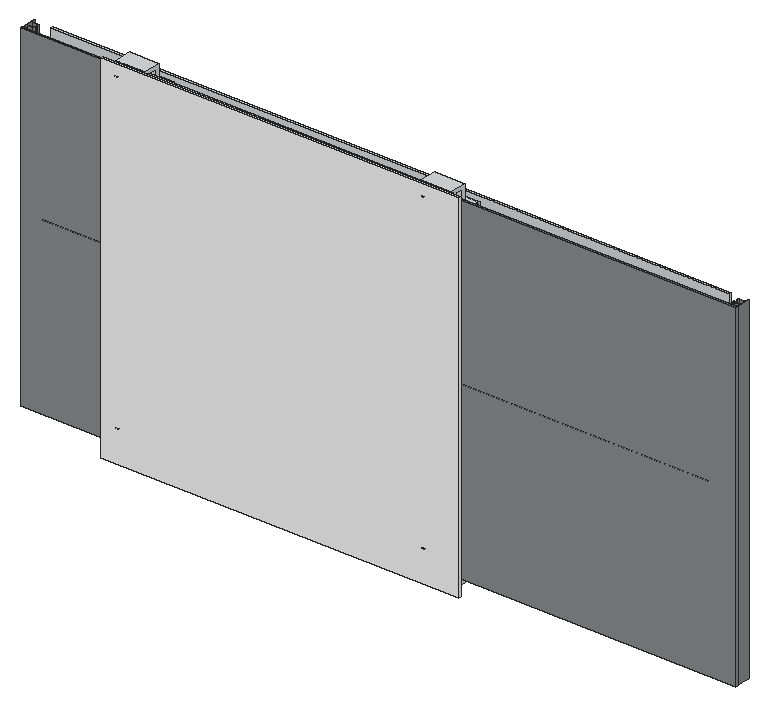
Revit family "Clarus_Glide_R19", category Furniture, host Face, Revit 2019
Family settings
  Host = Face
  Cut with Voids When Loaded = No
  Shared = No
  Room Calculation Point = No
Parameters (values of type "Horizontal 96" Fixed x 48" Slider x 48" Height")
  Slider Control [instance] = if(Slider Position_From Left > (Fixed Width Control - Sliding Panel Width), (Fixed Width Control - Sliding Panel Width), Slider Position_From Left)  # 12"
  Show Slider Panel [instance] = yes
  Show Right End Piece [instance] = yes
  Show Left End Piece [instance] = yes
  MinHeightV = 38 1/2"  # constant formula
  MinHeightH = 38 1/2"  # constant formula
  MaxHeightV = 98 1/2"  # constant formula
  MaxHeightH = 50 1/2"  # constant formula
  Hardware = Clarus Hardware
  Fixed Width Control = if(Horizontal Orientation, if(Fixed Panel Width < FMinWidthH, FMinWidthH, if(Fixed Panel Width > FMaxWidthH, FMaxWidthH, Fixed Panel Width)), if(Fixed Panel Width < FMinWidthV, FMinWidthV, if(Fixed Panel Width > FMaxWidthV, FMaxWidthV, Fixed Panel Width)))  # 96"
  Vertical Orientation = not(Horizontal Orientation)  # no
  Sliding Panel Width = 48"
  Slider Height Control = if(Horizontal Orientation, if(Sliding Panel Height < MinHeightH, MinHeightH, if(Sliding Panel Height > MaxHeightH, MaxHeightH, Sliding Panel Height)), if(Sliding Panel Height < MinHeightV, MinHeightV, if(Sliding Panel Height > MaxHeightV, MaxHeightV, Sliding Panel Height)))  # 48"
  Sliding Panel Height = 48"
  Slider Width Control = if(Horizontal Orientation, if(Sliding Panel Width < MinWidthH, MinWidthH, if(Sliding Panel Width > MaxWidthH, MaxWidthH, Sliding Panel Width)), if(Sliding Panel Width < MinWidthV, MinWidthV, if(Sliding Panel Width > MaxWidthV, MaxWidthV, Sliding Panel Width)))  # 48"
  Slider Position_From Left [instance] = 12"
  Horizontal Orientation = yes
  Fixed Panel Width = 96"
  URL = "https://www.clarus.com/"
  TRC Standards [instance] = "http://therevitcollection.com/news/trc-news-the-revit-collection-standards-explained/"
  Product URL = "https://www.clarus.com/glide/"
  More Revit Families! [instance] = "www.therevitcollection.com"
  Modeled By = "Commense Studio"  # constant formula
  Model = "Glide"  # constant formula
  MinWidthV = 36"  # constant formula
  MinWidthH = 36"  # constant formula
  MaxWidthV = 48"  # constant formula
  MaxWidthH = 96"  # constant formula
  Manufacturer = "Clarus"  # constant formula
  Height to Bottom of Fixed Panel [instance] = 18"
  Fixed Panel [instance] = Clarus Gray
  Slider Panel [instance] = CBC-100 Pure White
  FMinWidthV = 36"  # constant formula
  FMinWidthH = 36"  # constant formula
  FMaxWidthV = 48"  # constant formula
  FMaxWidthH = 96"  # constant formula
  Description = "For years, the fixed walls of modern office spaces have been steadily removed to create an open environment. Glide is the next step in the revolution, maximizing existing wall space to provide hundreds of consolidated square feet of glass writing surface and inspire personal communication and collaboration."  # constant formula
  Fixed Panel Height = Slider Height Control - 2 1/2"  # 45 1/2"
  Designer = ""
  Depth = 3 3/4"  # constant formula
  Default Elevation = 0"
  Assembly Code = ""
Types (3): name | Slider Control | Fixed Width Control | Vertical Orientation | Sliding Panel Width | Slider Width Control | Slider Position_From Left | Horizontal Orientation | Fixed Panel Width
  (no name) | 12" | 96" | no | 48" | 48" | 12" | yes | 96"
  Horizontal 96" Fixed x 48" Slider x 48" Height | 12" | 96" | no | 48" | 48" | 12" | yes | 96"
  Vertical 48" Fixed x 36" Slider x 48" Height | 6" | 48" | yes | 36" | 36" | 6" | no | 48"
Reference planes (in)
  plane 1 "Center (Front/Back)": y = 0
  plane 2: z = 0
  plane 3 "Center (Left/Right)": x = 0
  plane 4 "L": x = -48
  plane 5 "R": x = 48
  plane 6 "F": y = -3.75
  plane 7 "tt2": z = 18
  plane 8 "tt1": z = 63.5
  plane 9 "W": y = -2.25
  plane 10: x = -35.9375
  plane 11: x = 12.0625
  plane 12 "mid": z = 40.75
  plane 13: z = 64.75
  plane 14: z = 16.75
  plane 15 "X": y = -3.5
  plane 16: x = 45.5
  plane 17: x = -45.5
  plane 18 "low rail": z = 23.25
  plane 19 "high rail": z = 58.25275
  plane 20: x = -34.4375
  plane 21: x = -30.43767
  plane 22: x = 10.5625
  plane 23: x = 6.56267
  plane 24: x = -28.93767
  plane 25 "rev": z = 61.87719
  plane 26: x = 5.06267
  plane 27 "rev4": z = 19.62281
  plane 28 "edge2": x = -35.4375
  plane 29 "edge": x = 11.5625
  plane 30: y = -2.66607
  plane 31 "edge3": y = -3
  plane 32: x = -47.9375
Forms (in)
  Extrusion 1, solid, material "Clarus Gray" <- "Fixed Panel"
    sketch origin (0, 0, 0) x (1, 0, 0) y (0, 1, 0)
      loop
        line (-48, -2.25) -> (48, -2.25) -> (48, -2) -> (-48, -2) -> (-48, -2.25)
    from 18 to 63.5
  Extrusion 2, solid, material "CBC-100 Pure White" <- "Slider Panel", visible <- "Show Slider Panel"
    sketch origin (0, 0, 0) x (1, 0, 0) y (0, 1, 0)
      loop
        line (12.0625, -3.75) -> (12.0625, -3.5) -> (-35.9375, -3.5) -> (-35.9375, -3.75) -> (12.0625, -3.75)
    from 16.75 to 64.75
  Sweep 3, solid, material "Clarus Hardware" <- "Hardware"
    path origin (0, 0, 40.75) x (-1, 0, 0) y (0, -1, 0)
      loop
        line (45.5, 0) -> (-45.5, 0)
    profile "Profile_Gilde_Mid : Profile_Gilde_Mid" origin (0, 0, 40.75) x (0, 1, 0) y (0, 0, 1)
      loop
        line (-1.78625, 0.8125) -> (-1.63837, 0.8125) -> (-1.63837, 1.44234) -> (-1.78625, 1.44234) -> (-1.78625, 0.8125)
      loop
        line (0, 0.8125) -> (-0.125, 0.8125) -> (-0.125, 0.1875) -> (-0.39875, 0.1875) -> (-0.39875, 0.3175) -> (-1.47822, 0.3175) -> (-1.47822, 1.6025) -> (-1.94625, 1.6025) -> (-1.94625, -0.8975) -> (-1.78625, -0.8975) -> (-1.78625, 0.45)
        arc (-1.78625, 0.45) -> (-1.70937, 0.26438) -> (-1.52375, 0.1875) r 0.2625
        line (-1.52375, 0.1875) -> (-1.375, 0.1875) -> (-1.375, 0.0625) -> (-0.26222, 0.0625)
        arc (-0.26222, 0.0625) -> (-0.16519, 0.02231) -> (-0.125, -0.07472) r 0.13722
        line (-0.125, -0.07472) -> (-0.125, -0.8125) -> (0, -0.8125) -> (0, 0.8125)
  Sweep 4, solid, material "Clarus Hardware" <- "Hardware"
    path origin (0, 0, 58.25275) x (-1, 0, 0) y (0, -1, 0)
      loop
        line (45.5, 0) -> (-45.5, 0)
    profile "Profile_Gilde_Top : Profile_Gilde_Top" origin (0, 0, 58.25275) x (0, 1, 0) y (0, 0, 1)
      loop
        line (-0.15625, 0.41375) -> (-0.91375, 0.41375) -> (-0.91375, 0.15625) -> (-0.15625, 0.15625) -> (-0.15625, 0.41375)
      loop
        line (-1.94625, -1.055) -> (-1.78625, -1.055) -> (-1.78625, 0) -> (0, 0) -> (0, 5.24725) -> (-0.2, 5.24725) -> (-0.2, 2.43475) -> (-1.45, 2.43475) -> (-1.45, 2.62225) -> (-1.6425, 2.62225) -> (-1.6425, 4.68475) -> (-1.6025, 4.68475) -> (-1.6025, 4.74725) -> (-1.8925, 4.74725) -> (-1.8925, 2.05975) -> (-0.66, 2.05975) -> (-0.66, 1.84975) -> (-0.278, 1.84975) -> (-0.278, 1.50525) -> (-0.66, 1.50525) -> (-0.66, 1.14975) -> (-0.2, 1.14975) -> (-0.2, 0.57) -> (-1.07, 0.57) -> (-1.07, 0.16) -> (-1.48625, 0.16) -> (-1.48625, 1.45869) -> (-1.94625, 1.45869) -> (-1.94625, -1.055)
  Sweep 5, solid, material "Clarus Hardware" <- "Hardware"
    path origin (0, 0, 23.25) x (-1, 0, 0) y (0, -1, 0)
      loop
        line (45.5, 0) -> (-45.5, 0)
    profile "Profile_Gilde_Top : Profile_Gilde_Top" origin (0, 0, 23.25) x (0, 1, 0) y (0, 0, 1)
      loop
        line (-0.15625, -0.41375) -> (-0.15625, -0.15625) -> (-0.91375, -0.15625) -> (-0.91375, -0.41375) -> (-0.15625, -0.41375)
      loop
        line (-1.94625, 1.055) -> (-1.94625, -1.45869) -> (-1.48625, -1.45869) -> (-1.48625, -0.16) -> (-1.07, -0.16) -> (-1.07, -0.57) -> (-0.2, -0.57) -> (-0.2, -1.14975) -> (-0.66, -1.14975) -> (-0.66, -1.50525) -> (-0.278, -1.50525) -> (-0.278, -1.84975) -> (-0.66, -1.84975) -> (-0.66, -2.05975) -> (-1.8925, -2.05975) -> (-1.8925, -4.74725) -> (-1.6025, -4.74725) -> (-1.6025, -4.68475) -> (-1.6425, -4.68475) -> (-1.6425, -2.62225) -> (-1.45, -2.62225) -> (-1.45, -2.43475) -> (-0.2, -2.43475) -> (-0.2, -5.24725) -> (0, -5.24725) -> (0, 0) -> (-1.78625, 0) -> (-1.78625, 1.055) -> (-1.94625, 1.055)
  Extrusion 6, solid, material "Clarus Hardware" <- "Hardware", visible <- "Show Slider Panel"
    sketch origin (0, 0, 0) x (0, 1, 0) y (0, 0, 1)
      loop
        line (-1.40607, 62.85652) -> (-0.90607, 62.85652) -> (-0.90607, 64.75219) -> (-3.24607, 64.75219) -> (-3.24607, 64.55219) -> (-2.85107, 64.55219) -> (-2.85107, 64.17719) -> (-2.99607, 64.17719) -> (-2.99607, 64.30219) -> (-3.12107, 64.30219) -> (-3.12107, 63.80219) -> (-2.66607, 63.80219) -> (-2.66607, 63.30219) -> (-2.54107, 63.30219) -> (-2.54107, 63.42719) -> (-2.40607, 63.42719) -> (-2.40607, 64.25219) -> (-1.40607, 64.25219) -> (-1.40607, 62.85652)
    from -34.4375 to -30.43767
  Extrusion 7, solid, material "Clarus Hardware" <- "Hardware", visible <- "Show Slider Panel"
    sketch origin (-10, 0, 0) x (0, 1, 0) y (0, 0, -1)
      loop
        line (-1.40607, -62.50219) -> (-1.40607, -64.25219) -> (-2.40607, -64.25219) -> (-2.40607, -63.42719) -> (-2.54107, -63.42719) -> (-2.54107, -63.30219) -> (-2.66607, -63.30219) -> (-2.66607, -63.80219) -> (-3.12107, -63.80219) -> (-3.12107, -64.30219) -> (-2.99607, -64.30219) -> (-2.99607, -64.17719) -> (-2.85107, -64.17719) -> (-2.85107, -64.55219) -> (-3.24607, -64.55219) -> (-3.24607, -64.75219) -> (-0.90607, -64.75219) -> (-0.90607, -62.50219) -> (-1.40607, -62.50219)
    from -20.5625 to -16.56267
  Revolve 8, solid, material "Clarus Hardware" <- "Hardware", visible <- "Show Slider Panel"
    sketch origin (0, 0, 61.87719) x (-1, 0, 0) y (0, -1, 0)
      loop
        line (28.93767, 0.39875) -> (36.01067, 0.39875) -> (36.01067, 0.46459) -> (36.10569, 0.48134) -> (36.14533, 0.55) -> (36.16825, 0.42)
        arc (36.16825, 0.42) -> (36.48214, 0.3989) -> (36.78479, 0.4848) r 0.91988
        arc (36.78479, 0.4848) -> (36.87993, 0.51772) -> (36.98007, 0.52804) r 0.43768
        line (36.98007, 0.52804) -> (37.02067, 0.625) -> (37.02067, 0.68427) -> (36.98204, 0.68427)
        arc (36.98204, 0.68427) -> (36.84615, 0.67028) -> (36.71705, 0.6256) r 0.59393
        arc (36.71705, 0.6256) -> (36.51366, 0.56086) -> (36.3003, 0.55493) r 0.76363
        line (36.3003, 0.55493) -> (36.25866, 0.7911) -> (36.25866, 0.95143) -> (28.93767, 0.95143) -> (28.93767, 0.39875)
      axis (37.02067, 0.95143) -> (28.93767, 0.95143)
    angle from 0 to 360
  Extrusion 9, solid, material "Clarus Hardware" <- "Hardware", visible <- "Show Slider Panel"
    sketch origin (0, 0, 0) x (0, 1, 0) y (0, 0, 1)
      loop
        arc (-1.49279, 62.85652) -> (-1.55908, 62.82906) -> (-1.58654, 62.76277) r 0.09375
        line (-1.58654, 62.76277) -> (-1.58654, 60.99161)
        arc (-1.58654, 60.99161) -> (-1.55908, 60.92532) -> (-1.49279, 60.89786) r 0.09375
        line (-1.49279, 60.89786) -> (-0.41307, 60.89786)
        arc (-0.41307, 60.89786) -> (-0.34678, 60.92532) -> (-0.31932, 60.99161) r 0.09375
        line (-0.31932, 60.99161) -> (-0.31932, 62.76277)
        arc (-0.31932, 62.76277) -> (-0.34678, 62.82906) -> (-0.41307, 62.85652) r 0.09375
        line (-0.41307, 62.85652) -> (-1.49279, 62.85652)
      loop
        arc (-1.49279, 62.79402) -> (-1.51489, 62.78487) -> (-1.52404, 62.76277) r 0.03125
        line (-1.52404, 62.76277) -> (-1.52404, 60.99161)
        arc (-1.52404, 60.99161) -> (-1.51489, 60.96951) -> (-1.49279, 60.96036) r 0.03125
        line (-1.49279, 60.96036) -> (-0.41307, 60.96036)
        arc (-0.41307, 60.96036) -> (-0.39097, 60.96951) -> (-0.38182, 60.99161) r 0.03125
        line (-0.38182, 60.99161) -> (-0.38182, 62.76277)
        arc (-0.38182, 62.76277) -> (-0.39097, 62.78487) -> (-0.41307, 62.79402) r 0.03125
        line (-0.41307, 62.79402) -> (-1.49279, 62.79402)
    from -35.9375 to -28.93767
  Extrusion 10, solid, material "Clarus Hardware" <- "Hardware", visible <- "Show Slider Panel"
    sketch origin (-10, 0, 0) x (0, 1, 0) y (0, 0, -1)
      loop
        line (-1.49279, -62.85652) -> (-0.41307, -62.85652)
        arc (-0.41307, -62.85652) -> (-0.34678, -62.82906) -> (-0.31932, -62.76277) r 0.09375
        line (-0.31932, -62.76277) -> (-0.31932, -60.99161)
        arc (-0.31932, -60.99161) -> (-0.34678, -60.92532) -> (-0.41307, -60.89786) r 0.09375
        line (-0.41307, -60.89786) -> (-1.49279, -60.89786)
        arc (-1.49279, -60.89786) -> (-1.55908, -60.92532) -> (-1.58654, -60.99161) r 0.09375
        line (-1.58654, -60.99161) -> (-1.58654, -62.76277)
        arc (-1.58654, -62.76277) -> (-1.55908, -62.82906) -> (-1.49279, -62.85652) r 0.09375
      loop
        line (-1.49279, -62.79402) -> (-0.41307, -62.79402)
        arc (-0.41307, -62.79402) -> (-0.39097, -62.78487) -> (-0.38182, -62.76277) r 0.03125
        line (-0.38182, -62.76277) -> (-0.38182, -60.99161)
        arc (-0.38182, -60.99161) -> (-0.39097, -60.96951) -> (-0.41307, -60.96036) r 0.03125
        line (-0.41307, -60.96036) -> (-1.49279, -60.96036)
        arc (-1.49279, -60.96036) -> (-1.51489, -60.96951) -> (-1.52404, -60.99161) r 0.03125
        line (-1.52404, -60.99161) -> (-1.52404, -62.76277)
        arc (-1.52404, -62.76277) -> (-1.51489, -62.78487) -> (-1.49279, -62.79402) r 0.03125
    from -22.0625 to -15.06267
  Revolve 11, solid, material "Clarus Hardware" <- "Hardware", visible <- "Show Slider Panel"
    sketch origin (14, 0, 61.87719) x (1, 0, 0) y (0, -1, 0)
      loop
        line (-8.93733, 0.39875) -> (-1.86433, 0.39875) -> (-1.86433, 0.46459) -> (-1.76931, 0.48134) -> (-1.72967, 0.55) -> (-1.70675, 0.42)
        arc (-1.70675, 0.42) -> (-1.39286, 0.3989) -> (-1.09021, 0.4848) r 0.91988
        arc (-1.09021, 0.4848) -> (-0.99507, 0.51772) -> (-0.89493, 0.52804) r 0.43768
        line (-0.89493, 0.52804) -> (-0.85433, 0.625) -> (-0.85433, 0.68427) -> (-0.89296, 0.68427)
        arc (-0.89296, 0.68427) -> (-1.02885, 0.67028) -> (-1.15795, 0.6256) r 0.59393
        arc (-1.15795, 0.6256) -> (-1.36134, 0.56086) -> (-1.5747, 0.55493) r 0.76363
        line (-1.5747, 0.55493) -> (-1.61634, 0.7911) -> (-1.61634, 0.95143) -> (-8.93733, 0.95143) -> (-8.93733, 0.39875)
      axis (-0.85433, 0.95143) -> (-8.93733, 0.95143)
    angle from 0 to 360
  Extrusion 12, solid, material "Clarus Hardware" <- "Hardware", visible <- "Show Slider Panel"
    sketch origin (0, 0, 88) x (0, 1, 0) y (0, 0, 1)
      loop
        line (-1.40607, -69.35652) -> (-1.40607, -70.75219) -> (-2.40607, -70.75219) -> (-2.40607, -69.92719) -> (-2.54107, -69.92719) -> (-2.54107, -69.80219) -> (-2.66607, -69.80219) -> (-2.66607, -70.30219) -> (-3.12107, -70.30219) -> (-3.12107, -70.80219) -> (-2.99607, -70.80219) -> (-2.99607, -70.67719) -> (-2.85107, -70.67719) -> (-2.85107, -71.05219) -> (-3.24607, -71.05219) -> (-3.24607, -71.25219) -> (-0.90607, -71.25219) -> (-0.90607, -69.35652) -> (-1.40607, -69.35652)
    from -34.4375 to -30.43767
  Extrusion 13, solid, material "Clarus Hardware" <- "Hardware", visible <- "Show Slider Panel"
    sketch origin (-10, 0, 88) x (0, 1, 0) y (0, 0, -1)
      loop
        line (-1.40607, 69.00219) -> (-0.90607, 69.00219) -> (-0.90607, 71.25219) -> (-3.24607, 71.25219) -> (-3.24607, 71.05219) -> (-2.85107, 71.05219) -> (-2.85107, 70.67719) -> (-2.99607, 70.67719) -> (-2.99607, 70.80219) -> (-3.12107, 70.80219) -> (-3.12107, 70.30219) -> (-2.66607, 70.30219) -> (-2.66607, 69.80219) -> (-2.54107, 69.80219) -> (-2.54107, 69.92719) -> (-2.40607, 69.92719) -> (-2.40607, 70.75219) -> (-1.40607, 70.75219) -> (-1.40607, 69.00219)
    from -20.5625 to -16.56267
  Revolve 14, solid, material "Clarus Hardware" <- "Hardware", visible <- "Show Slider Panel"
    sketch origin (0, 0, 19.62281) x (0, -1, 0) y (-1, 0, 0)
      loop
        line (0.39875, 28.93767) -> (0.95143, 28.93767) -> (0.95143, 36.25866) -> (0.7911, 36.25866) -> (0.55493, 36.3003)
        arc (0.55493, 36.3003) -> (0.56086, 36.51366) -> (0.6256, 36.71705) r 0.76363
        arc (0.6256, 36.71705) -> (0.67028, 36.84615) -> (0.68427, 36.98204) r 0.59393
        line (0.68427, 36.98204) -> (0.68427, 37.02067) -> (0.625, 37.02067) -> (0.52804, 36.98007)
        arc (0.52804, 36.98007) -> (0.51772, 36.87993) -> (0.4848, 36.78479) r 0.43768
        arc (0.4848, 36.78479) -> (0.3989, 36.48214) -> (0.42, 36.16825) r 0.91988
        line (0.42, 36.16825) -> (0.55, 36.14533) -> (0.48134, 36.10569) -> (0.46459, 36.01067) -> (0.39875, 36.01067) -> (0.39875, 28.93767)
      axis (0.95143, 37.02067) -> (0.95143, 28.93767)
    angle from 0 to 360
  Extrusion 15, solid, material "Clarus Hardware" <- "Hardware", visible <- "Show Slider Panel"
    sketch origin (0, 0, 88) x (0, 1, 0) y (0, 0, 1)
      loop
        line (-1.49279, -69.35652) -> (-0.41307, -69.35652)
        arc (-0.41307, -69.35652) -> (-0.34678, -69.32906) -> (-0.31932, -69.26277) r 0.09375
        line (-0.31932, -69.26277) -> (-0.31932, -67.49161)
        arc (-0.31932, -67.49161) -> (-0.34678, -67.42532) -> (-0.41307, -67.39786) r 0.09375
        line (-0.41307, -67.39786) -> (-1.49279, -67.39786)
        arc (-1.49279, -67.39786) -> (-1.55908, -67.42532) -> (-1.58654, -67.49161) r 0.09375
        line (-1.58654, -67.49161) -> (-1.58654, -69.26277)
        arc (-1.58654, -69.26277) -> (-1.55908, -69.32906) -> (-1.49279, -69.35652) r 0.09375
      loop
        line (-1.49279, -69.29402) -> (-0.41307, -69.29402)
        arc (-0.41307, -69.29402) -> (-0.39097, -69.28487) -> (-0.38182, -69.26277) r 0.03125
        line (-0.38182, -69.26277) -> (-0.38182, -67.49161)
        arc (-0.38182, -67.49161) -> (-0.39097, -67.46951) -> (-0.41307, -67.46036) r 0.03125
        line (-0.41307, -67.46036) -> (-1.49279, -67.46036)
        arc (-1.49279, -67.46036) -> (-1.51489, -67.46951) -> (-1.52404, -67.49161) r 0.03125
        line (-1.52404, -67.49161) -> (-1.52404, -69.26277)
        arc (-1.52404, -69.26277) -> (-1.51489, -69.28487) -> (-1.49279, -69.29402) r 0.03125
    from -35.9375 to -28.93767
  Extrusion 16, solid, material "Clarus Hardware" <- "Hardware", visible <- "Show Slider Panel"
    sketch origin (-10, 0, 88) x (0, 1, 0) y (0, 0, -1)
      loop
        arc (-1.49279, 69.35652) -> (-1.55908, 69.32906) -> (-1.58654, 69.26277) r 0.09375
        line (-1.58654, 69.26277) -> (-1.58654, 67.49161)
        arc (-1.58654, 67.49161) -> (-1.55908, 67.42532) -> (-1.49279, 67.39786) r 0.09375
        line (-1.49279, 67.39786) -> (-0.41307, 67.39786)
        arc (-0.41307, 67.39786) -> (-0.34678, 67.42532) -> (-0.31932, 67.49161) r 0.09375
        line (-0.31932, 67.49161) -> (-0.31932, 69.26277)
        arc (-0.31932, 69.26277) -> (-0.34678, 69.32906) -> (-0.41307, 69.35652) r 0.09375
        line (-0.41307, 69.35652) -> (-1.49279, 69.35652)
      loop
        arc (-1.49279, 69.29402) -> (-1.51489, 69.28487) -> (-1.52404, 69.26277) r 0.03125
        line (-1.52404, 69.26277) -> (-1.52404, 67.49161)
        arc (-1.52404, 67.49161) -> (-1.51489, 67.46951) -> (-1.49279, 67.46036) r 0.03125
        line (-1.49279, 67.46036) -> (-0.41307, 67.46036)
        arc (-0.41307, 67.46036) -> (-0.39097, 67.46951) -> (-0.38182, 67.49161) r 0.03125
        line (-0.38182, 67.49161) -> (-0.38182, 69.26277)
        arc (-0.38182, 69.26277) -> (-0.39097, 69.28487) -> (-0.41307, 69.29402) r 0.03125
        line (-0.41307, 69.29402) -> (-1.49279, 69.29402)
    from -22.0625 to -15.06267
  Revolve 17, solid, material "Clarus Hardware" <- "Hardware", visible <- "Show Slider Panel"
    sketch origin (14, 0, 19.62281) x (0, -1, 0) y (1, 0, 0)
      loop
        line (0.39875, -8.93733) -> (0.95143, -8.93733) -> (0.95143, -1.61634) -> (0.7911, -1.61634) -> (0.55493, -1.5747)
        arc (0.55493, -1.5747) -> (0.56086, -1.36134) -> (0.6256, -1.15795) r 0.76363
        arc (0.6256, -1.15795) -> (0.67028, -1.02885) -> (0.68427, -0.89296) r 0.59393
        line (0.68427, -0.89296) -> (0.68427, -0.85433) -> (0.625, -0.85433) -> (0.52804, -0.89493)
        arc (0.52804, -0.89493) -> (0.51772, -0.99507) -> (0.4848, -1.09021) r 0.43768
        arc (0.4848, -1.09021) -> (0.3989, -1.39286) -> (0.42, -1.70675) r 0.91988
        line (0.42, -1.70675) -> (0.55, -1.72967) -> (0.48134, -1.76931) -> (0.46459, -1.86433) -> (0.39875, -1.86433) -> (0.39875, -8.93733)
      axis (0.95143, -0.85433) -> (0.95143, -8.93733)
    angle from 0 to 360
  Extrusion 18, solid, material "Clarus Hardware" <- "Hardware", visible <- "Show Slider Panel"
    sketch origin (0.5, 0.5, 0) x (1, 0, 0) y (0, 1, 0)
      loop
        line (11.0625, -4) -> (11.0625, -3.5) -> (-35.9375, -3.5) -> (-35.9375, -4) -> (11.0625, -4)
    from 18 to 63.5
  Sweep 19, solid, material "Clarus Hardware" <- "Hardware", visible <- "Show Slider Panel"
    path origin (0, 0, 63.5) x (-1, 0, 0) y (0, -1, 0)
      loop
        line (34.4375, 3.5) -> (-10.5625, 3.5)
    profile origin (-11.9375, -3.5, 63.5) x (0, 1, 0) y (0, 0, 1)
      loop
        line (0.5, 0) -> (0.5, -3.32281) -> (0.83393, -3.32281) -> (0.83393, -0.32281) -> (1.09393, -0.32281) -> (1.09393, -0.07281) -> (0.95893, -0.07281) -> (0.95893, -0.19781) -> (0.83393, -0.19781) -> (0.83393, 0.30219) -> (0.37893, 0.30219) -> (0.37893, 0.80515) -> (0.53514, 0.80515) -> (0.53514, 0.694) -> (0.62731, 0.694) -> (0.62731, 1.0383) -> (0, 1.0383) -> (0, 0) -> (0.5, 0)
  Sweep 20, solid, material "Clarus Hardware" <- "Hardware", visible <- "Show Slider Panel"
    path origin (0, 0, 18) x (-1, 0, 0) y (0, -1, 0)
      loop
        line (34.4375, 3.5) -> (-10.5625, 3.5)
    profile origin (-11.9375, -3.5, 18) x (0, 1, 0) y (0, 0, 1)
      loop
        line (0.5, 0) -> (0, 0) -> (0, -1.0383) -> (0.62731, -1.0383) -> (0.62731, -0.694) -> (0.53514, -0.694) -> (0.53514, -0.80515) -> (0.37893, -0.80515) -> (0.37893, -0.30219) -> (0.83393, -0.30219) -> (0.83393, 0.19781) -> (0.95893, 0.19781) -> (0.95893, 0.07281) -> (1.09393, 0.07281) -> (1.09393, 0.32281) -> (0.83393, 0.32281) -> (0.83393, 3.32281) -> (0.5, 3.32281) -> (0.5, 0)
  Sweep 21, solid, material "Clarus Hardware" <- "Hardware", visible <- "Show Slider Panel"
    path origin (0, -3, 0) x (0, 0, -1) y (-1, 0, 0)
      loop
        line (-63.5, -11.5625) -> (-18, -11.5625)
    profile origin (11.5625, -3, 40.75) x (0, 1, 0) y (-1, 0, 0)
      loop
        line (-0.5, 0) -> (-0.5, -0.09237) -> (0.09237, -0.09237) -> (0.09237, 0.5) -> (0, 0.5) -> (0, 0) -> (-0.5, 0)
  Sweep 22, solid, material "Clarus Hardware" <- "Hardware", visible <- "Show Slider Panel"
    path origin (2, -3, 0) x (0, 0, -1) y (1, 0, 0)
      loop
        line (-63.5, -37.4375) -> (-18, -37.4375)
    profile origin (-35.4375, -3, 40.75) x (0, 1, 0) y (-1, 0, 0)
      loop
        line (-0.5, 0) -> (0, 0) -> (0, -0.5) -> (0.09237, -0.5) -> (0.09237, 0.09237) -> (-0.5, 0.09237) -> (-0.5, 0)
  Extrusion 23, solid, material "Clarus Gray" <- "Fixed Panel", visible <- "Show Right End Piece"
    sketch origin (0, 0, 0) x (1, 0, 0) y (0, 1, 0)
      loop
        line (47.90625, -0.067) -> (47.813, -0.067) -> (47.813, -0.505) -> (46.907, -0.505) -> (46.907, -0.724) -> (47, -0.724) -> (47, -0.599) -> (47.813, -0.599) -> (47.813, -1.349) -> (47, -1.349) -> (47, -1.224) -> (46.907, -1.224) -> (46.907, -1.442) -> (47.813, -1.442) -> (47.813, -1.88) -> (47.90625, -1.88) -> (47.90625, -0.067)
    from 18 to 63.5
  Extrusion 24, solid, material "Clarus Gray" <- "Fixed Panel", visible <- "Show Right End Piece"
    sketch origin (0, 0, 0) x (-1, 0, 0) y (0, -1, 0)
      loop
        line (47.90625, 0.067) -> (47.90625, 1.88) -> (47.813, 1.88) -> (47.813, 1.442) -> (46.907, 1.442) -> (46.907, 1.224) -> (47, 1.224) -> (47, 1.349) -> (47.813, 1.349) -> (47.813, 0.599) -> (47, 0.599) -> (47, 0.724) -> (46.907, 0.724) -> (46.907, 0.505) -> (47.813, 0.505) -> (47.813, 0.067) -> (47.90625, 0.067)
    from 18 to 63.5
Lines and regions (in)
  Masking region 1
    outline origin (0, 0, 23.25) x (-1, 0, 0) y (0, -1, 0)
      loop
        line (45.5, 0) -> (45.5, 1.94625) -> (-45.5, 1.94625) -> (-45.5, 0) -> (45.5, 0)
  Masking region 2, visible <- "Show Slider Panel"
    outline origin (0, 0, 40.75) x (-1, 0, 0) y (0, -1, 0)
      loop
        line (36.9375, 1.37398) -> (35.9375, 1.58654) -> (28.93767, 1.58654) -> (28.93767, 0.31932) -> (35.9375, 0.31932) -> (36.9375, 0.53188) -> (36.9375, 1.37398)
      loop
        line (-13.0625, 1.37398) -> (-13.0625, 0.53188) -> (-12.0625, 0.31932) -> (-5.06267, 0.31932) -> (-5.06267, 1.58654) -> (-12.0625, 1.58654) -> (-13.0625, 1.37398)
  Masking region 3, visible <- "Show Slider Panel"
    outline origin (0, 0, 0) x (1, 0, 0) y (0, 1, 0)
      loop
        line (11.5625, -3) -> (-35.4375, -3) -> (-35.4375, -3.5) -> (11.5625, -3.5) -> (11.5625, -3)
  Masking region 4, visible <- "Show Slider Panel"
    outline origin (1, 0.75, 0) x (1, 0, 0) y (0, 1, 0)
      loop
        line (9.5625, -3) -> (-35.4375, -3) -> (-35.4375, -3.75) -> (9.5625, -3.75) -> (9.5625, -3)
  Masking region 5, visible <- "Show Slider Panel"
    outline origin (0, 0, 63.5) x (-1, 0, 0) y (0, -1, 0)
      loop
        line (-6.56267, 3.24607) -> (-10.5625, 3.24607) -> (-10.5625, 0.90607) -> (-6.56267, 0.90607) -> (-6.56267, 3.24607)
      loop
        line (30.43767, 3.24607) -> (30.43767, 0.90607) -> (34.4375, 0.90607) -> (34.4375, 3.24607) -> (30.43767, 3.24607)
  symbolic lines
    curve 1: line (-35.9375, -1.58654, 0) -> (-35.9375, -0.31932, 0)
    curve 2: line (12.0625, -1.58654, 0) -> (12.0625, -0.31932, 0)
Dimensions and locks (in)
  equal spacing: plane 4 "L", plane 3 "Center (Left/Right)", plane 5 "R"
  "Fixed Width Control": plane 4 "L" to plane 5 "R"
  "Depth": plane 6 "F" to plane 1 "Center (Front/Back)"
  "Height to Bottom of Fixed Panel": plane 7 "tt2" to level
  "Fixed Panel Height": plane 8 "tt1" to plane 7 "tt2"
  locked: plane 9 "W" to plane 1 "Center (Front/Back)" at 2.25
  "Slider Control": plane 32 to plane 10
  "Slider Width Control": plane 10 to plane 11
  equal spacing: plane 8 "tt1", plane 12 "mid", plane 7 "tt2"
  equal spacing: plane 13, plane 12 "mid", plane 14
  "Slider Height Control": plane 13 to plane 14
  locked: Extrusion 1 sketch curve to Extrusion 1 sketch curve at 0.25
  locked: plane 6 "F" to plane 15 "X" at 0.25
  locked: plane 4 "L" to plane 17 at 2.5
  locked: plane 16 to plane 5 "R" at 2.5
  locked: plane 8 "tt1" to plane 19 "high rail" at 5.24725
  locked: plane 18 "low rail" to plane 7 "tt2" at 5.25
  plane 10 to plane 20 to plane 21 to plane 24 = 1 1/2" locked, 3.99983" locked, 1 1/2" locked
  plane 11 to plane 22 to plane 23 to plane 26 = 1 1/2" locked, 3.99983" locked, 1 1/2" locked
  locked: plane 25 "rev" to plane 19 "high rail" at 3.62444
  locked: plane 27 "rev4" to plane 7 "tt2" at 1.62281
  locked: plane 10 to plane 28 "edge2" at 0.5
  locked: plane 11 to plane 29 "edge" at 0.5
  locked: plane 4 "L" to plane 32 at 0.0625
  aligned and locked: plane 2 to host face
  aligned and locked: level to host face
  aligned and locked: plane 9 "W" to Extrusion 1 sketch curve
  aligned and locked: Extrusion 1 sketch curve to plane 4 "L"
  aligned and locked: plane 5 "R" to Extrusion 1 sketch curve
  aligned and locked: plane 8 "tt1" to Extrusion 1
  aligned and locked: Extrusion 1 to plane 7 "tt2"
  aligned and locked: Extrusion 2 sketch curve to plane 6 "F"
  aligned and locked: plane 11 to Extrusion 2 sketch curve
  aligned and locked: plane 15 "X" to Extrusion 2 sketch curve
  aligned and locked: Extrusion 2 sketch curve to plane 10
  aligned and locked: Extrusion 2 to plane 13
  aligned and locked: plane 13 to Extrusion 2
  aligned and locked: plane 14 to Extrusion 2
  aligned and locked: plane 16 to Sweep 3 sketch curve
  aligned and locked: plane 17 to Sweep 3 sketch curve
  aligned and locked: plane 16 to Sweep 4 sketch curve
  aligned and locked: plane 17 to Sweep 4 sketch curve
  aligned and locked: plane 20 to Extrusion 6
  aligned and locked: Extrusion 6 to plane 21
  aligned and locked: Extrusion 7 to plane 22  (x2)
  aligned and locked: plane 23 to Extrusion 7  (x2)
  aligned and locked: Extrusion 9 to plane 24
  aligned and locked: plane 10 to Extrusion 9
  aligned and locked: Extrusion 10 to plane 26
  aligned and locked: Extrusion 10 to plane 11
  aligned and locked: Extrusion 18 sketch curve to plane 31 "edge3"
  aligned and locked: plane 28 "edge2" to Extrusion 18 sketch curve
  aligned and locked: Extrusion 18 sketch curve to plane 15 "X"
  aligned and locked: plane 29 "edge" to Extrusion 18 sketch curve
  aligned and locked: plane 8 "tt1" to Extrusion 18
  aligned and locked: Extrusion 18 to plane 7 "tt2"
  aligned and locked: plane 22 to Sweep 19 sketch curve
  aligned and locked: plane 20 to Sweep 19 sketch curve
  aligned and locked: Extrusion 15 to plane 24
  aligned and locked: Extrusion 12 to plane 21
  aligned and locked: plane 20 to Extrusion 12
  aligned and locked: plane 10 to Extrusion 15
  aligned and locked: plane 22 to Extrusion 13
  aligned and locked: Extrusion 13 to plane 23
  aligned and locked: Extrusion 16 to plane 11
  aligned and locked: Extrusion 16 to plane 26
  aligned and locked: plane 7 "tt2" to Sweep 21 sketch curve
  aligned and locked: plane 29 "edge" to Sweep 21 sketch curve
  aligned and locked: plane 8 "tt1" to Sweep 21 sketch curve
  aligned and locked: Extrusion 23 to plane 7 "tt2"
  aligned and locked: plane 8 "tt1" to Extrusion 23
  aligned and locked: plane 24 to Masking region 2 sketch curve
  aligned and locked: Masking region 2 sketch curve to plane 26
  aligned and locked: plane 20 to Masking region 4
  aligned and locked: Masking region 4 to plane 31 "edge3"
  aligned and locked: plane 22 to Masking region 4
  aligned and locked: plane 8 "tt1" to Extrusion 24
  aligned and locked: Extrusion 24 to plane 7 "tt2"
Automatic sketch dimensions
  curve 1 to plane 10 = 0"
  curve 2 to plane 11 = 0"
  curve 2 to plane 9 "W" = 0.66346"
  curve 1 to plane 9 "W" = 0.66346"
  plane 1 "Center (Front/Back)" to curve 2 = 0.31932"
  plane 1 "Center (Front/Back)" to curve 1 = 0.31932"
  host sketch curve to host sketch curve = 96"  (x2)
  plane 1 "Center (Front/Back)" to Sweep 3 sketch curve = 0"
  plane 1 "Center (Front/Back)" to Sweep 4 sketch curve = 0"
  plane 1 "Center (Front/Back)" to Sweep 5 sketch curve = 0"
  Sweep 5 sketch curve to plane 16 = 0"
  Sweep 5 sketch curve to plane 17 = 0"
  Extrusion 6 sketch curve to plane 30 = 0"
  plane 31 "edge3" to Extrusion 6 sketch curve = 0.14893"
  plane 31 "edge3" to Extrusion 6 sketch curve = 1/256"
  Extrusion 6 sketch curve to plane 31 "edge3" = 31/256"
  plane 13 to Extrusion 6 sketch curve = 0.00219"
  Extrusion 6 sketch curve to plane 31 "edge3" = 63/256"
  plane 30 to Extrusion 6 sketch curve = 1/8"
  Extrusion 6 sketch curve to Extrusion 6 sketch curve = 0.135"
  Extrusion 6 sketch curve to plane 9 "W" = 0.84393"
  Extrusion 6 sketch curve to Extrusion 6 sketch curve = 1/2"
  Extrusion 6 sketch curve to plane 13 = 0.19781"
  Extrusion 6 sketch curve to Extrusion 6 sketch curve = 1/4"
  Extrusion 6 sketch curve to plane 13 = 0.49781"
  Extrusion 6 sketch curve to Extrusion 6 sketch curve = 1/8"  (x2)
  plane 8 "tt1" to Extrusion 6 sketch curve = 0.30219"
  Extrusion 6 sketch curve to plane 8 "tt1" = 0.07281"
  Extrusion 6 sketch curve to plane 8 "tt1" = 0.64348"
  Extrusion 7 sketch curve to plane 30 = 0"
  plane 31 "edge3" to Extrusion 7 sketch curve = 0.14893"
  plane 31 "edge3" to Extrusion 7 sketch curve = 1/256"
  Extrusion 7 sketch curve to plane 31 "edge3" = 31/256"
  plane 13 to Extrusion 7 sketch curve = 0.00219"
  Extrusion 7 sketch curve to plane 31 "edge3" = 63/256"
  plane 30 to Extrusion 7 sketch curve = 1/8"
  Extrusion 7 sketch curve to Extrusion 7 sketch curve = 0.135"
  Extrusion 7 sketch curve to plane 9 "W" = 0.84393"
  Extrusion 7 sketch curve to Extrusion 7 sketch curve = 1/2"
  Extrusion 7 sketch curve to plane 13 = 0.19781"
  Extrusion 7 sketch curve to Extrusion 7 sketch curve = 1/4"
  Extrusion 7 sketch curve to plane 13 = 0.49781"
  Extrusion 7 sketch curve to Extrusion 7 sketch curve = 1/8"  (x2)
  plane 8 "tt1" to Extrusion 7 sketch curve = 0.30219"
  Extrusion 7 sketch curve to plane 8 "tt1" = 0.07281"
  Extrusion 7 sketch curve to plane 25 "rev" = 5/8"
  Revolve 8 sketch curve to Revolve 8 sketch curve = 0"  (x5)
  Revolve 8 sketch curve to plane 24 = 0"
  plane 10 to Revolve 8 sketch curve = 0.07317"
  Revolve 8 sketch curve to Revolve 8 sketch curve = 0.09502"
  Revolve 8 sketch curve to Revolve 8 sketch curve = 0.03964"
  Revolve 8 sketch curve to Revolve 8 sketch curve = 0.06256"
  plane 10 to Revolve 8 sketch curve = 0.32116"
  Revolve 8 sketch curve to Revolve 8 sketch curve = 0.15497"
  Revolve 8 sketch curve to Revolve 8 sketch curve = 0.12733"
  plane 1 "Center (Front/Back)" to Revolve 8 sketch curve = 0.09039"
  Revolve 8 sketch curve to Revolve 8 sketch curve = 0.67424"
  Revolve 8 sketch curve to Revolve 8 sketch curve = 0.00553"
  Revolve 8 sketch curve to Revolve 8 sketch curve = 0.00197"
  Revolve 8 sketch curve to Revolve 8 sketch curve = 0.03863"
  plane 1 "Center (Front/Back)" to Revolve 8 sketch curve = 0.39875"
  Revolve 8 sketch curve to Revolve 8 sketch curve = 0.02125"
  Revolve 8 sketch curve to Revolve 8 sketch curve = 0.06584"
  Revolve 8 sketch curve to Revolve 8 sketch curve = 0.06134"
  Revolve 8 sketch curve to Revolve 8 sketch curve = 0.43765"
  Revolve 8 sketch curve to Revolve 8 sketch curve = 0.06866"
  Revolve 8 sketch curve to Revolve 8 sketch curve = 0.00493"
  Revolve 8 sketch curve to Revolve 8 sketch curve = 0.09696"
  Revolve 8 sketch curve to Revolve 8 sketch curve = 0.05927"
  Revolve 8 sketch curve to Revolve 8 sketch curve = 0.23616"
  Revolve 8 sketch curve to Revolve 8 sketch curve = 0.16034"
  Revolve 8 sketch curve to Revolve 8 sketch curve = 0.36231"
  Revolve 8 sketch curve to plane 20 = 0.42159"
  plane 1 "Center (Front/Back)" to Revolve 8 sketch curve = 0.95143"
  Extrusion 9 sketch curve to Extrusion 9 sketch curve = 0"  (x8)
  Extrusion 9 sketch curve to plane 9 "W" = 0.66346"
  Extrusion 9 sketch curve to Extrusion 9 sketch curve = 1/16"
  Extrusion 9 sketch curve to Extrusion 9 sketch curve = 1/32"  (x3)
  plane 1 "Center (Front/Back)" to Extrusion 9 sketch curve = 0.41307"  (x2)
  plane 25 "rev" to Extrusion 9 sketch curve = 0.97933"
  Extrusion 9 sketch curve to plane 8 "tt1" = 0.73723"
  Extrusion 10 sketch curve to Extrusion 10 sketch curve = 0"  (x8)
  Extrusion 10 sketch curve to plane 9 "W" = 0.66346"
  Extrusion 10 sketch curve to Extrusion 10 sketch curve = 1/16"
  Extrusion 10 sketch curve to Extrusion 10 sketch curve = 1/32"  (x3)
  plane 1 "Center (Front/Back)" to Extrusion 10 sketch curve = 0.41307"  (x2)
  Extrusion 10 sketch curve to plane 8 "tt1" = 0.64348"
  plane 25 "rev" to Extrusion 10 sketch curve = 0.88558"
  Revolve 11 sketch curve to Revolve 11 sketch curve = 0"  (x5)
  Revolve 11 sketch curve to plane 26 = 0"
  plane 11 to Revolve 11 sketch curve = 0.07317"
  Revolve 11 sketch curve to Revolve 11 sketch curve = 0.09502"
  Revolve 11 sketch curve to Revolve 11 sketch curve = 0.03964"
  Revolve 11 sketch curve to Revolve 11 sketch curve = 0.06256"
  plane 11 to Revolve 11 sketch curve = 0.32116"
  Revolve 11 sketch curve to Revolve 11 sketch curve = 0.15497"
  Revolve 11 sketch curve to Revolve 11 sketch curve = 0.12733"
  Revolve 11 sketch curve to plane 1 "Center (Front/Back)" = 0.09039"
  Revolve 11 sketch curve to Revolve 11 sketch curve = 0.67424"
  Revolve 11 sketch curve to Revolve 11 sketch curve = 0.00553"
  Revolve 11 sketch curve to Revolve 11 sketch curve = 0.00197"
  Revolve 11 sketch curve to Revolve 11 sketch curve = 0.03863"
  Revolve 11 sketch curve to plane 1 "Center (Front/Back)" = 0.39875"
  Revolve 11 sketch curve to Revolve 11 sketch curve = 0.02125"
  Revolve 11 sketch curve to Revolve 11 sketch curve = 0.06584"
  Revolve 11 sketch curve to Revolve 11 sketch curve = 0.06134"
  Revolve 11 sketch curve to Revolve 11 sketch curve = 0.43765"
  Revolve 11 sketch curve to Revolve 11 sketch curve = 0.06866"
  Revolve 11 sketch curve to Revolve 11 sketch curve = 0.00493"
  Revolve 11 sketch curve to Revolve 11 sketch curve = 0.09696"
  Revolve 11 sketch curve to Revolve 11 sketch curve = 0.05927"
  Revolve 11 sketch curve to Revolve 11 sketch curve = 0.23616"
  Revolve 11 sketch curve to Revolve 11 sketch curve = 0.16034"
  Revolve 11 sketch curve to Revolve 11 sketch curve = 0.36231"
  plane 22 to Revolve 11 sketch curve = 0.42159"
  Revolve 11 sketch curve to plane 1 "Center (Front/Back)" = 0.95143"
  Extrusion 12 sketch curve to plane 30 = 0"
  Extrusion 12 sketch curve to plane 31 "edge3" = 0.14893"
  Extrusion 12 sketch curve to plane 31 "edge3" = 1/256"
  plane 31 "edge3" to Extrusion 12 sketch curve = 31/256"
  Extrusion 12 sketch curve to plane 14 = 0.00219"
  plane 31 "edge3" to Extrusion 12 sketch curve = 63/256"
  Extrusion 12 sketch curve to plane 30 = 1/8"
  Extrusion 12 sketch curve to Extrusion 12 sketch curve = 0.135"
  plane 9 "W" to Extrusion 12 sketch curve = 0.84393"
  Extrusion 12 sketch curve to Extrusion 12 sketch curve = 1/2"
  plane 14 to Extrusion 12 sketch curve = 0.19781"
  Extrusion 12 sketch curve to Extrusion 12 sketch curve = 1/4"
  plane 14 to Extrusion 12 sketch curve = 0.49781"
  Extrusion 12 sketch curve to Extrusion 12 sketch curve = 1/8"  (x2)
  plane 7 "tt2" to Extrusion 12 sketch curve = 0.30219"
  Extrusion 12 sketch curve to plane 7 "tt2" = 0.07281"
  Extrusion 12 sketch curve to plane 7 "tt2" = 0.64348"
  Extrusion 13 sketch curve to plane 30 = 0"
  plane 31 "edge3" to Extrusion 13 sketch curve = 0.14893"
  plane 31 "edge3" to Extrusion 13 sketch curve = 1/256"
  Extrusion 13 sketch curve to plane 31 "edge3" = 31/256"
  plane 14 to Extrusion 13 sketch curve = 0.00219"
  Extrusion 13 sketch curve to plane 31 "edge3" = 63/256"
  plane 30 to Extrusion 13 sketch curve = 1/8"
  Extrusion 13 sketch curve to Extrusion 13 sketch curve = 0.135"
  Extrusion 13 sketch curve to plane 9 "W" = 0.84393"
  Extrusion 13 sketch curve to Extrusion 13 sketch curve = 1/2"
  Extrusion 13 sketch curve to plane 14 = 0.19781"
  Extrusion 13 sketch curve to Extrusion 13 sketch curve = 1/4"
  Extrusion 13 sketch curve to plane 14 = 0.49781"
  Extrusion 13 sketch curve to Extrusion 13 sketch curve = 1/8"  (x2)
  Extrusion 13 sketch curve to plane 7 "tt2" = 0.30219"
  plane 7 "tt2" to Extrusion 13 sketch curve = 0.07281"
  Extrusion 13 sketch curve to plane 27 "rev4" = 5/8"
  Revolve 14 sketch curve to Revolve 14 sketch curve = 0"  (x5)
  Revolve 14 sketch curve to plane 24 = 0"
  Revolve 14 sketch curve to plane 1 "Center (Front/Back)" = 0.09039"
  Revolve 14 sketch curve to plane 10 = 0.07317"
  Revolve 14 sketch curve to plane 1 "Center (Front/Back)" = 0.39875"
  Revolve 14 sketch curve to Revolve 14 sketch curve = 0.02125"
  Revolve 14 sketch curve to Revolve 14 sketch curve = 0.06584"
  Revolve 14 sketch curve to plane 10 = 0.16819"
  Revolve 14 sketch curve to Revolve 14 sketch curve = 0.06134"
  Revolve 14 sketch curve to Revolve 14 sketch curve = 0.43765"
  Revolve 14 sketch curve to plane 10 = 0.20783"
  Revolve 14 sketch curve to Revolve 14 sketch curve = 0.06866"
  Revolve 14 sketch curve to Revolve 14 sketch curve = 0.00493"
  Revolve 14 sketch curve to Revolve 14 sketch curve = 0.09696"
  Revolve 14 sketch curve to Revolve 14 sketch curve = 0.05927"
  Revolve 14 sketch curve to Revolve 14 sketch curve = 0.23616"
  Revolve 14 sketch curve to Revolve 14 sketch curve = 0.16034"
  Revolve 14 sketch curve to Revolve 14 sketch curve = 0.36231"
  Revolve 14 sketch curve to Revolve 14 sketch curve = 0.06256"
  Revolve 14 sketch curve to plane 10 = 0.32116"
  Revolve 14 sketch curve to Revolve 14 sketch curve = 0.15497"
  Revolve 14 sketch curve to Revolve 14 sketch curve = 0.12733"
  Revolve 14 sketch curve to Revolve 14 sketch curve = 0.67424"
  Revolve 14 sketch curve to Revolve 14 sketch curve = 0.19528"
  Revolve 14 sketch curve to Revolve 14 sketch curve = 0.00197"
  Revolve 14 sketch curve to Revolve 14 sketch curve = 0.03863"
  plane 20 to Revolve 14 sketch curve = 0.42159"
  Revolve 14 sketch curve to plane 1 "Center (Front/Back)" = 0.95143"
  Extrusion 15 sketch curve to Extrusion 15 sketch curve = 0"  (x8)
  plane 9 "W" to Extrusion 15 sketch curve = 0.66346"
  Extrusion 15 sketch curve to Extrusion 15 sketch curve = 1/16"
  Extrusion 15 sketch curve to Extrusion 15 sketch curve = 1/32"  (x3)
  Extrusion 15 sketch curve to plane 1 "Center (Front/Back)" = 0.41307"  (x2)
  Extrusion 15 sketch curve to plane 27 "rev4" = 0.97933"
  Extrusion 15 sketch curve to plane 7 "tt2" = 0.73723"
  Extrusion 16 sketch curve to Extrusion 16 sketch curve = 0"  (x8)
  Extrusion 16 sketch curve to plane 9 "W" = 0.66346"
  Extrusion 16 sketch curve to Extrusion 16 sketch curve = 1/16"
  Extrusion 16 sketch curve to Extrusion 16 sketch curve = 1/32"  (x3)
  plane 1 "Center (Front/Back)" to Extrusion 16 sketch curve = 0.41307"  (x2)
  plane 27 "rev4" to Extrusion 16 sketch curve = 0.97933"
  plane 7 "tt2" to Extrusion 16 sketch curve = 0.73723"
  Revolve 17 sketch curve to Revolve 17 sketch curve = 0"  (x5)
  Revolve 17 sketch curve to plane 26 = 0"
  plane 1 "Center (Front/Back)" to Revolve 17 sketch curve = 0.09039"
  Revolve 17 sketch curve to plane 11 = 0.07317"
  plane 1 "Center (Front/Back)" to Revolve 17 sketch curve = 0.39875"
  Revolve 17 sketch curve to Revolve 17 sketch curve = 0.02125"
  Revolve 17 sketch curve to Revolve 17 sketch curve = 0.06584"
  Revolve 17 sketch curve to plane 11 = 0.16819"
  Revolve 17 sketch curve to Revolve 17 sketch curve = 0.06134"
  Revolve 17 sketch curve to Revolve 17 sketch curve = 0.43765"
  Revolve 17 sketch curve to plane 11 = 0.20783"
  Revolve 17 sketch curve to Revolve 17 sketch curve = 0.06866"
  Revolve 17 sketch curve to Revolve 17 sketch curve = 0.00493"
  Revolve 17 sketch curve to Revolve 17 sketch curve = 0.09696"
  Revolve 17 sketch curve to Revolve 17 sketch curve = 0.05927"
  Revolve 17 sketch curve to Revolve 17 sketch curve = 0.23616"
  Revolve 17 sketch curve to Revolve 17 sketch curve = 0.16034"
  Revolve 17 sketch curve to Revolve 17 sketch curve = 0.36231"
  Revolve 17 sketch curve to Revolve 17 sketch curve = 0.06256"
  Revolve 17 sketch curve to plane 11 = 0.32116"
  Revolve 17 sketch curve to Revolve 17 sketch curve = 0.15497"
  Revolve 17 sketch curve to Revolve 17 sketch curve = 0.12733"
  Revolve 17 sketch curve to Revolve 17 sketch curve = 0.67424"
  Revolve 17 sketch curve to Revolve 17 sketch curve = 0.19528"
  Revolve 17 sketch curve to Revolve 17 sketch curve = 0.00197"
  Revolve 17 sketch curve to Revolve 17 sketch curve = 0.03863"
  Revolve 17 sketch curve to plane 22 = 0.42159"
  plane 1 "Center (Front/Back)" to Revolve 17 sketch curve = 0.95143"
  plane 15 "X" to Sweep 19 sketch curve = 0"
  Sweep 19 sketch curve to plane 8 "tt1" = 0"
  Sweep 19 sketch curve to profile plane = 0"
  Sweep 19 sketch curve to profile plane = 97/256"
  Sweep 19 sketch curve to profile plane = 1/2"
  Sweep 19 sketch curve to Sweep 19 sketch curve = 0.15621"
  Sweep 19 sketch curve to Sweep 19 sketch curve = 0.09217"
  Sweep 19 sketch curve to Sweep 19 sketch curve = 0.33393"  (x2)
  Sweep 19 sketch curve to Sweep 19 sketch curve = 1/8"  (x3)
  Sweep 19 sketch curve to Sweep 19 sketch curve = 0.135"
  Sweep 19 sketch curve to plane 8 "tt1" = 0.07281"
  Sweep 19 sketch curve to Sweep 19 sketch curve = 3"
  plane 8 "tt1" to Sweep 19 sketch curve = 0.30219"
  Sweep 19 sketch curve to Sweep 19 sketch curve = 0.39181"
  Sweep 19 sketch curve to Sweep 19 sketch curve = 0.11115"
  Sweep 19 sketch curve to Sweep 19 sketch curve = 0.23315"
  plane 15 "X" to Sweep 20 sketch curve = 0"
  Sweep 20 sketch curve to plane 22 = 0"
  Sweep 20 sketch curve to plane 20 = 0"
  Sweep 20 sketch curve to plane 7 "tt2" = 0"
  Sweep 20 sketch curve to profile plane = 0"
  Sweep 20 sketch curve to profile plane = 97/256"
  Sweep 20 sketch curve to profile plane = 1/2"
  Sweep 20 sketch curve to Sweep 20 sketch curve = 0.15621"
  Sweep 20 sketch curve to Sweep 20 sketch curve = 0.09217"
  Sweep 20 sketch curve to Sweep 20 sketch curve = 0.33393"  (x2)
  Sweep 20 sketch curve to Sweep 20 sketch curve = 1/8"  (x3)
  Sweep 20 sketch curve to Sweep 20 sketch curve = 0.135"
  Sweep 20 sketch curve to plane 7 "tt2" = 0.30219"
  Sweep 20 sketch curve to Sweep 20 sketch curve = 0.39181"
  Sweep 20 sketch curve to Sweep 20 sketch curve = 0.11115"
  Sweep 20 sketch curve to Sweep 20 sketch curve = 0.23315"
  plane 7 "tt2" to Sweep 20 sketch curve = 0.07281"
  Sweep 20 sketch curve to Sweep 20 sketch curve = 3"
  Sweep 21 sketch curve to profile plane = 0"
  Sweep 21 sketch curve to plane 31 "edge3" = 0"
  profile plane to Sweep 21 sketch curve = 0.09237"
  Sweep 21 sketch curve to plane 31 "edge3" = 1/2"
  plane 31 "edge3" to Sweep 21 sketch curve = 0.09237"
  Sweep 21 sketch curve to profile plane = 1/2"
  Sweep 22 sketch curve to plane 8 "tt1" = 0"
  Sweep 22 sketch curve to plane 7 "tt2" = 0"
  Sweep 22 sketch curve to plane 28 "edge2" = 0"
  Sweep 22 sketch curve to profile plane = 0"
  Sweep 22 sketch curve to plane 31 "edge3" = 0"
  Sweep 22 sketch curve to profile plane = 0.09237"
  Sweep 22 sketch curve to plane 31 "edge3" = 1/2"
  plane 31 "edge3" to Sweep 22 sketch curve = 0.09237"
  profile plane to Sweep 22 sketch curve = 1/2"
  Extrusion 23 sketch curve to plane 5 "R" = 1.093"
  Extrusion 23 sketch curve to Extrusion 23 sketch curve = 0"  (x2)
  Extrusion 23 sketch curve to Extrusion 23 sketch curve = 0.093"  (x3)
  Extrusion 23 sketch curve to plane 5 "R" = 0.187"  (x2)
  Extrusion 23 sketch curve to Extrusion 23 sketch curve = 0.09325"
  Extrusion 23 sketch curve to plane 9 "W" = 0.37"
  Extrusion 23 sketch curve to Extrusion 23 sketch curve = 0.438"
  Extrusion 23 sketch curve to Extrusion 23 sketch curve = 1/8"
  Extrusion 23 sketch curve to Extrusion 23 sketch curve = 1/2"
  plane 1 "Center (Front/Back)" to Extrusion 23 sketch curve = 0.599"
  Extrusion 23 sketch curve to Extrusion 23 sketch curve = 0.094"
  plane 1 "Center (Front/Back)" to Extrusion 23 sketch curve = 0.067"
  plane 1 "Center (Front/Back)" to Masking region 1 sketch curve = 0"
  Masking region 1 sketch curve to plane 16 = 0"
  Masking region 1 sketch curve to plane 17 = 0"
  Masking region 1 sketch curve to plane 9 "W" = 0.30375"
  Masking region 3 sketch curve to plane 28 "edge2" = 0"
  plane 15 "X" to Masking region 3 sketch curve = 0"
  Masking region 3 sketch curve to plane 29 "edge" = 0"
  Masking region 3 sketch curve to plane 31 "edge3" = 0"
  plane 9 "W" to Masking region 4 sketch curve = 0"
  Masking region 4 sketch curve to plane 20 = 0"
  Masking region 4 sketch curve to plane 22 = 0"
  Masking region 4 sketch curve to plane 31 "edge3" = 0"
  Masking region 5 sketch curve to plane 22 = 0"
  Masking region 5 sketch curve to plane 23 = 0"
  Masking region 5 sketch curve to plane 21 = 0"
  Masking region 5 sketch curve to plane 20 = 0"
  plane 1 "Center (Front/Back)" to Masking region 5 sketch curve = 0.90607"  (x2)
  Masking region 5 sketch curve to plane 31 "edge3" = 63/256"  (x2)
  Extrusion 24 sketch curve to plane 4 "L" = 0.187"  (x2)
  Extrusion 24 sketch curve to Extrusion 24 sketch curve = 0"  (x2)
  Extrusion 24 sketch curve to Extrusion 24 sketch curve = 0.09325"
  plane 9 "W" to Extrusion 24 sketch curve = 0.37"
  Extrusion 24 sketch curve to Extrusion 24 sketch curve = 0.438"
  Extrusion 24 sketch curve to Extrusion 24 sketch curve = 0.093"  (x3)
  Extrusion 24 sketch curve to Extrusion 24 sketch curve = 1/8"
  Extrusion 24 sketch curve to Extrusion 24 sketch curve = 1/2"
  Extrusion 24 sketch curve to plane 1 "Center (Front/Back)" = 0.599"
  Extrusion 24 sketch curve to Extrusion 24 sketch curve = 0.094"
  Extrusion 24 sketch curve to plane 1 "Center (Front/Back)" = 0.067"
  Masking region 2 sketch curve to plane 11 = 0"  (x2)
  Masking region 2 sketch curve to plane 10 = 0"  (x2)
  Masking region 2 sketch curve to plane 11 = 1"
  plane 10 to Masking region 2 sketch curve = 1"
  plane 1 "Center (Front/Back)" to Masking region 2 sketch curve = 0.31932"  (x2)
  plane 1 "Center (Front/Back)" to Masking region 2 sketch curve = 0.53188"  (x2)
  Masking region 2 sketch curve to Masking region 2 sketch curve = 0.84211"  (x2)
  Masking region 2 sketch curve to plane 9 "W" = 0.66346"  (x2)
  Extrusion 24 sketch curve to Extrusion 24 sketch curve = 0.813"
